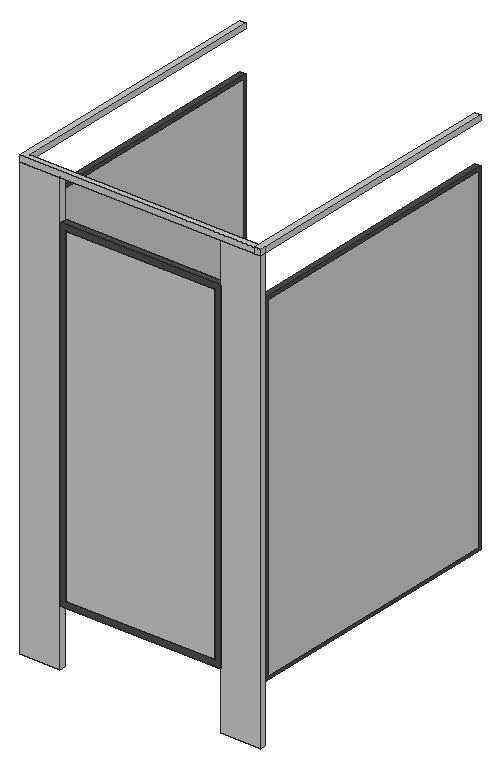
Revit family
Parameters (values of type "Parametric")
  partition Frame = ALL
  Width = 3' - 6"
  Subcategory = "Bathroom Fixture"
  SmartBIM Object Version = 3  # constant formula
  SmartBIM Object Created By = "Reed Construction Data"  # constant formula
  Manufacturer = ""
  Interior Rail Test [instance] = if(and(Single Unit, Top Rail), 1, 0)  # 1
  Single Unit [instance] = yes
  Rail Thickness = 0' - 1"
  Interior Rail [instance] = Interior Rail Test = 1  # yes
  Interior Extrusion Width [instance] = if(Single Unit, Extrusion Width, (1 / 2 * Extrusion Width))  # 0' - 7"
  Distance to Ceiling/Rail Offset = 0' - 7"
  Top Rail [instance] = yes
  Partition Material = Stainless steel
  Panel Width = Depth - Panel Thickness  # 3' - 11"
  Panel Thickness = 0' - 1"
  Panel Height = 5' - 0"
  Height = 5' - 10"
  Extrusion Width = 0' - 7"
  Door Panel Width [instance] = Width - Extrusion Width - Interior Extrusion Width  # 2' - 4"
  Depth = 4' - 0"
  Default Elevation = 0' - 0"  # constant formula
  Assembly Code = "E2020200"
  95 CSI = "10160"
  04 CSI = "10 21 13"
Reference planes (in)
  plane 1 "Center F/B": y = 0
  plane 2 "Bottom of Panels": z = 10
  plane 3 "Center L/R": x = 0
  plane 4 "Left": x = -21
  plane 5 "Right": x = 21
  plane 6 "Back": y = 24
  plane 7 "Front": y = -24
  plane 8 "Top of Panels": z = 70
  plane 9: x = 14
  plane 10: x = -14
  plane 11 "Top of Rail": z = 78
  plane 12 "Bottom of Rail": z = 77
  plane 13: x = -20
Forms (in)
  Extrusion 1, solid, material "Stainless steel" <- "Partition Material"
    sketch origin (0, 0, 0) x (1, 0, 0) y (0, 1, 0)
      loop
        line (-21, -23) -> (-21, -24) -> (-14, -24) -> (-14, -23) -> (-21, -23)
    from 0 to 77
  Extrusion 2, solid, material "Stainless steel" <- "Partition Material"
    sketch origin (0, 0, 0) x (-1, 0, 0) y (0, -1, 0)
      loop
        line (-21, 23) -> (-14, 23) -> (-14, 24) -> (-21, 24) -> (-21, 23)
    from 0 to 77
  Sweep 3, solid, material "Stainless steel" <- "Partition Material", visible <- "Top Rail"
    path origin (0, 0, 0) x (1, 0, 0) y (0, 1, 0)
      loop
        line (-21, 24) -> (-21, -24) -> (21, -24)
    profile origin (-21, 0, 0) x (1, 0, 0) y (0, 0, 1)
      loop
        line (0, 78) -> (0, 77) -> (1, 77) -> (1, 78) -> (0, 78)
  Sweep 4, solid, material "Stainless steel" <- "Partition Material", visible <- "Interior Rail"
    path origin (0, 0, 0) x (1, 0, 0) y (0, 1, 0)
      loop
        line (21, 24) -> (21, -24)
    profile origin (21, 0, 0) x (1, 0, 0) y (0, 0, 1)
      loop
        line (0, 78) -> (-1, 78) -> (-1, 77) -> (0, 77) -> (0, 78)
Dimensions and locks (in)
  equal spacing: plane 6 "Back", plane 1 "Center F/B", plane 7 "Front"
  equal spacing: plane 4 "Left", plane 3 "Center L/R", plane 5 "Right"
  "Width": plane 4 "Left" to plane 5 "Right"
  "Depth": plane 6 "Back" to plane 7 "Front"
  "Extrusion Width": plane 4 "Left" to plane 10
  "Interior Extrusion Width": plane 9 to plane 5 "Right"
  "Rail Thickness": plane 11 "Top of Rail" to plane 12 "Bottom of Rail"
  "Distance to Ceiling/Rail Offset": plane 12 "Bottom of Rail" to plane 8 "Top of Panels"
  "Panel Height": plane 8 "Top of Panels" to plane 2 "Bottom of Panels"
  "Height": plane 8 "Top of Panels" to level
  "Rail Thickness": plane 13 to plane 4 "Left"
  "Rail Thickness": Sweep 4 sketch curve to Sweep 3
  aligned and locked: Extrusion 1 sketch curve to plane 4 "Left"
  aligned and locked: Extrusion 1 sketch curve to plane 7 "Front"
  aligned and locked: Extrusion 1 sketch curve to plane 10
  aligned and locked: plane 12 "Bottom of Rail" to Extrusion 1
  aligned and locked: Extrusion 2 sketch curve to plane 5 "Right"
  aligned and locked: plane 7 "Front" to Extrusion 2 sketch curve
  aligned and locked: Extrusion 2 sketch curve to plane 9
  aligned and locked: plane 12 "Bottom of Rail" to Extrusion 2
  aligned and locked: Extrusion 2 to level
  aligned and locked: Extrusion 1 to level
  aligned and locked: Extrusion 1 to plane 12 "Bottom of Rail"
  aligned and locked: nested 1 to plane 10
  aligned and locked: nested 1 to plane 7 "Front"
  aligned and locked: plane 8 "Top of Panels" to nested 1
  aligned and locked: plane 4 "Left" to nested 2
  aligned and locked: plane 6 "Back" to nested 2
  aligned and locked: plane 6 "Back" to nested 3
  aligned and locked: plane 5 "Right" to nested 3
  aligned and locked: plane 8 "Top of Panels" to nested 2
  aligned and locked: plane 8 "Top of Panels" to nested 3
  aligned and locked: Sweep 3 sketch curve to plane 4 "Left"  (x2)
  aligned and locked: Sweep 3 sketch curve to plane 7 "Front"
  aligned and locked: plane 6 "Back" to Sweep 3 sketch curve
  aligned and locked: Sweep 3 sketch curve to plane 11 "Top of Rail"
  aligned and locked: Sweep 3 sketch curve to plane 13
  aligned and locked: Sweep 3 sketch curve to plane 12 "Bottom of Rail"
  aligned and locked: plane 5 "Right" to Sweep 3 sketch curve
  aligned and locked: Sweep 4 sketch curve to plane 5 "Right"  (x2)
  aligned and locked: plane 6 "Back" to Sweep 4 sketch curve
  aligned and locked: plane 7 "Front" to Sweep 4 sketch curve
  aligned and locked: Sweep 3 to Sweep 4 sketch curve
  aligned and locked: Sweep 4 sketch curve to plane 11 "Top of Rail"
Automatic sketch dimensions
  Extrusion 1 sketch curve to Extrusion 1 sketch curve = 0' - 1"
  Extrusion 2 sketch curve to Extrusion 2 sketch curve = 0' - 1"
Nested families (in)
  nested 1: "Door" at (14, -23, 10), type "Parametric Width"
  nested 2: "Panel" at (-21, 23.5, 10.5) x (0, 1, 0) z (0, 0, 1), type "Panel"
  nested 3: "Panel" at (20, 23.5, 10.5) x (0, 1, 0) z (0, 0, 1), type "Panel"
Definition of nested family "Door"
  Parameters (values of type "Parametric Width")
    Width = 2' - 4"
    Thickness = 0' - 1"
    Height = 5' - 0"
    Frame and Handle Material = Stainless steel
    Frame = none
    Assembly Code = ""
  Reference planes (in)
    plane 1 "Center (Front/Back)": y = 0
    plane 2: z = 0
    plane 3 "Center (Left/Right)": x = 0
    plane 4: x = -28
    plane 5: z = 60
    plane 6: z = 59
    plane 7: x = -27
    plane 8: x = -1
    plane 9: z = 1
    plane 10: y = -1
  Forms (in)
    Sweep 1, solid, material <- "Frame"
      path origin (0, 0, 0) x (1, 0, 0) y (0, 0, 1)
        loop
          line (-28, 0) -> (0, 0) -> (0, 60) -> (-28, 60) -> (-28, 0)
      profile origin (-14, 0, 0) x (0, 0, 1) y (0, -1, 0)
        loop
          line (0, 0) -> (1, 0) -> (1, 1) -> (0, 1) -> (0, 0)
    Extrusion 2, solid, material "Stainless steel" <- "Frame and Handle Material"
      sketch origin (0, 0, 0) x (1, 0, 0) y (0, 0, 1)
        loop
          line (-27, 1) -> (-1, 1) -> (-1, 59) -> (-27, 59) -> (-27, 1)
      from 0 to 1
  Dimensions and locks (in)
    "Width": plane 3 "Center (Left/Right)" to plane 4
    "Height": plane 5 to level
    "Thickness": plane 10 to plane 1 "Center (Front/Back)"
    locked: plane 5 to plane 6 at 1
    locked: plane 7 to plane 4 at 1
    locked: plane 3 "Center (Left/Right)" to plane 8 at 1
    locked: plane 9 to level at 1
    aligned and locked: plane 4 to Sweep 1 sketch curve
    aligned and locked: Sweep 1 sketch curve to plane 2
    aligned and locked: plane 5 to Sweep 1 sketch curve
    aligned and locked: plane 3 "Center (Left/Right)" to Sweep 1 sketch curve
    aligned and locked: Sweep 1 sketch curve to profile plane
    aligned and locked: plane 9 to Sweep 1 sketch curve
    aligned and locked: Sweep 1 sketch curve to plane 10
    aligned and locked: Sweep 1 to Extrusion 2 sketch curve
    aligned and locked: Extrusion 2 sketch curve to Sweep 1  (x3)
    aligned and locked: plane 10 to Extrusion 2
    aligned and locked: Extrusion 2 to plane 1 "Center (Front/Back)"
    aligned and locked: Extrusion 2 to plane 7
    aligned and locked: plane 8 to Extrusion 2
    aligned and locked: plane 1 "Center (Front/Back)" to Sweep 1 sketch curve
Definition of nested family "Panel"
  Parameters (values of type "Panel")
    panel = Stainless steel
    Width = 3' - 11"
    Thickness = 0' - 1"
    Panel Frame = Default
    Height = 5' - 0"
    Assembly Code = ""
  Reference planes (in)
    plane 1 "Center (Front/Back)": y = 0
    plane 2: z = 0
    plane 3 "Center (Left/Right)": x = 0
    plane 4: x = -46.5
    plane 5: z = 59
    plane 6: y = -1
    plane 7: x = -46
    plane 8: x = 0.5
    plane 9: z = 59.5
    plane 10: z = -0.5
  Forms (in)
    Sweep 1, solid, material "Default" <- "Panel Frame"
      path origin (0, 0, 0) x (1, 0, 0) y (0, 0, 1)
        loop
          line (-46.5, -0.5) -> (0.5, -0.5) -> (0.5, 59.5) -> (-46.5, 59.5) -> (-46.5, -0.5)
      profile origin (-23, 0, -0.5) x (0, 0, 1) y (0, -1, 0)
        loop
          line (0, 0) -> (0.5, 0) -> (0.5, 1) -> (0, 1) -> (0, 0)
    Extrusion 2, solid, material "Stainless steel" <- "panel"
      sketch origin (0, 0, 0) x (1, 0, 0) y (0, 0, 1)
        loop
          line (-46, 59) -> (-46, 0) -> (0, 0) -> (0, 59) -> (-46, 59)
      from 0 to 1
  Dimensions and locks (in)
    "Width": plane 4 to plane 8
    "Height": plane 9 to plane 10
    "Thickness": plane 6 to plane 1 "Center (Front/Back)"
    locked: level to plane 10 at 0.5
    locked: plane 4 to plane 7 at 0.5
    locked: plane 8 to plane 3 "Center (Left/Right)" at 0.5
    locked: plane 9 to plane 5 at 0.5
    aligned and locked: plane 4 to Sweep 1 sketch curve
    aligned and locked: Sweep 1 sketch curve to plane 10
    aligned and locked: plane 9 to Sweep 1 sketch curve
    aligned and locked: plane 8 to Sweep 1 sketch curve
    aligned and locked: profile plane to Sweep 1 sketch curve
    aligned and locked: Sweep 1 sketch curve to profile plane
    aligned and locked: level to Sweep 1 sketch curve
    aligned and locked: plane 6 to Sweep 1 sketch curve
    aligned and locked: Extrusion 2 sketch curve to Sweep 1  (x4)
    aligned and locked: Extrusion 2 to plane 1 "Center (Front/Back)"
    aligned and locked: Extrusion 2 to plane 6
